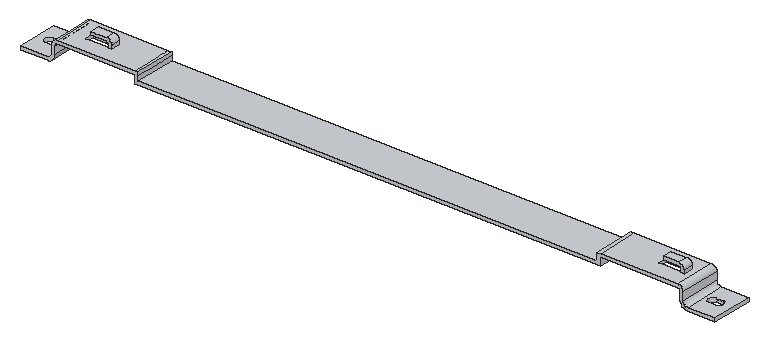
Revit family "Distanzbügel_600_FT_FS", category Generic Models, Revit 2017
Family settings
  Can host rebar = No
  Round Connector Dimension = Use Diameter
  Part Type = Normal
  Work Plane-Based = No
  Always vertical = Yes
  Cut with Voids When Loaded = No
  Shared = No
  Room Calculation Point = No
Parameters (values of type "DBLG 20 600 FT")
  Width 1 = 0 mm
  Width = 40 mm
  URL = "http://www.obo-bettermann.com"
  Material = Hot-dip galvanised
  Manufacturer Art.No. = "6015699"
  Manufacturer = "OBO BETTERMANN"
  Length 3 = Length / 2  # 333.6 mm
  Length 2 = Length 1 / 2  # 220.5 mm
  Length 1 = 441 mm
  Length = 667.2 mm
  GTIN = "4012195239284"
  Cut's space = 550 mm
  Cut's number = 2
  Article Type = "DBLG 20 600 FT"
Types (3, lengths in mm): name | Material | Manufacturer Art.No. | GTIN | Article Type
  (no name) | Hot-dip galvanised | "6015699" | "4012195239284" | "DBLG 20 600 FT"
  DBLG 20 600 FS | Strip-galvanised | "6015697" | "4012195239277" | "DBLG 20 600 FS"
  DBLG 20 600 FT | Hot-dip galvanised | "6015699" | "4012195239284" | "DBLG 20 600 FT"
Reference planes
  plane 1 "Center (Front/Back)": y = 0
  plane 2: z = 0
  plane 3 "Center (Left/Right)": x = 0
  plane 4: z = 20
  plane 5: x = -333.6
  plane 6: x = 333.6
  plane 7: z = 9.44
Forms (mm)
  Extrusion 1, solid
    sketch origin (0, 0, 0) x (1, 0, 0) y (0, 0, 1)
      loop
        line (-223.5, 17) -> (-223.5, 9.44) -> (-220.5, 9.44) -> (223.5, 9.44) -> (223.5, 17) -> (298, 17)
        arc (298, 17) -> (299.414, 16.414) -> (300, 15) r 2
        line (300, 15) -> (300, 7.5)
        arc (300, 7.5) -> (302.197, 2.197) -> (307.5, 0) r 7.5
        line (307.5, 0) -> (333.6, 0) -> (333.6, 3) -> (307.5, 3)
        arc (307.5, 3) -> (304.318, 4.318) -> (303, 7.5) r 4.5
        line (303, 7.5) -> (303, 15)
        arc (303, 15) -> (301.536, 18.536) -> (298, 20) r 5
        line (298, 20) -> (223.5, 20) -> (220.5, 20) -> (220.5, 17) -> (220.5, 12.44) -> (-220.5, 12.44) -> (-220.5, 17) -> (-220.5, 20) -> (-223.5, 20) -> (-298.02, 20)
        arc (-298.02, 20) -> (-301.556, 18.536) -> (-303.02, 15) r 5
        line (-303.02, 15) -> (-303.02, 7.5)
        arc (-303.02, 7.5) -> (-304.338, 4.318) -> (-307.52, 3) r 4.5
        line (-307.52, 3) -> (-333.6, 3) -> (-333.6, 0) -> (-307.52, 0)
        arc (-307.52, 0) -> (-302.217, 2.197) -> (-300.02, 7.5) r 7.5
        line (-300.02, 7.5) -> (-300.02, 15)
        arc (-300.02, 15) -> (-299.434, 16.414) -> (-298.02, 17) r 2
        line (-298.02, 17) -> (-223.5, 17)
    from -40 to 0
  Extrusion 2, void
    sketch origin (0, 0, 0) x (1, 0, 0) y (0, 1, 0)
      loop
        arc (-321.6, 24.5) -> (-326.1, 20) -> (-321.6, 15.5) r 4.5
        line (-321.6, 15.5) -> (-315.6, 15.5)
        arc (-315.6, 15.5) -> (-311.1, 20) -> (-315.6, 24.5) r 4.5
        line (-315.6, 24.5) -> (-321.6, 24.5)
    from 0 to 3
  Extrusion 3, void
    sketch origin (0, 0, 0) x (1, 0, 0) y (0, 1, 0)
      loop
        arc (315.8, 24.5) -> (311.3, 20) -> (315.8, 15.5) r 4.5
        line (315.8, 15.5) -> (321.6, 15.5)
        arc (321.6, 15.5) -> (326.1, 20) -> (321.6, 24.5) r 4.5
        line (321.6, 24.5) -> (315.8, 24.5)
    from 0 to 3
  Extrusion 4, void
    sketch origin (0, 0, 0) x (1, 0, 0) y (0, 1, 0)
      loop
        line (-283.2, 24.5) -> (-283.2, 15.5) -> (-261.2, 15.5) -> (-261.2, 24.5) -> (-283.2, 24.5)
    from 17 to 20
  Extrusion 5, void
    sketch origin (550, 0, 0) x (1, 0, 0) y (0, 1, 0)
      loop
        line (-283.2, 24.5) -> (-283.2, 15.5) -> (-261.2, 15.5) -> (-261.2, 24.5) -> (-283.2, 24.5)
    from 17 to 20
  Extrusion 6, solid
    sketch origin (0, 0, 0) x (1, 0, 0) y (0, 0, 1)
      loop
        line (-261.2, 20) -> (-258.2, 20) -> (-258.2, 23)
        arc (-258.2, 23) -> (-259.664, 26.536) -> (-263.2, 28) r 5
        line (-263.2, 28) -> (-278.242, 28) -> (-278.242, 25) -> (-263.2, 25)
        arc (-263.2, 25) -> (-261.786, 24.414) -> (-261.2, 23) r 2
        line (-261.2, 23) -> (-261.2, 20)
    from -24.5 to -15.5
  Extrusion 7, solid
    sketch origin (550, 0, 0) x (1, 0, 0) y (0, 0, 1)
      loop
        line (-261.2, 20) -> (-258.2, 20) -> (-258.2, 23)
        arc (-258.2, 23) -> (-259.664, 26.536) -> (-263.2, 28) r 5
        line (-263.2, 28) -> (-278.242, 28) -> (-278.242, 25) -> (-263.2, 25)
        arc (-263.2, 25) -> (-261.786, 24.414) -> (-261.2, 23) r 2
        line (-261.2, 23) -> (-261.2, 20)
    from -24.5 to -15.5
Cuts and joins
  Extrusion 2, Extrusion 3, Extrusion 4, Extrusion 5 cuts Extrusion 1
Dimensions and locks
  "Length": plane 6 to plane 5
  "Length 3": plane 3 "Center (Left/Right)" to plane 5
  locked: plane 4 to level at 20
  plane 4 to plane 7 = 10.56 mm
  locked: Extrusion 1 sketch curve to Extrusion 1 sketch curve at 3  (x2)
  Extrusion 1 sketch curve to Extrusion 1 sketch curve = 3 mm  (x2)
  plane 4 to Extrusion 1 sketch curve = 10.56 mm
  locked: Extrusion 1 sketch curve to level at 9.44
  "Width": Extrusion 1 to Extrusion 1
  locked: Extrusion 1 to Extrusion 2 sketch curve at 15.5
  locked: Extrusion 2 sketch curve to Extrusion 2 sketch curve at 9
  locked: Extrusion 1 to Extrusion 2 sketch curve at 7.5
  locked: Extrusion 1 to Extrusion 2 sketch curve at 22.5
  locked: Extrusion 3 sketch curve to Extrusion 3 sketch curve at 9
  locked: cut or joined group of Extrusion 1, Extrusion 2, Extrusion 3, Extrusion 4, Extrusion 5 to Extrusion 3 sketch curve at 15.5
  locked: Extrusion 3 sketch curve to cut or joined group of Extrusion 1, Extrusion 2, Extrusion 3, Extrusion 4, Extrusion 5 at 7.5
  locked: Extrusion 3 sketch curve to cut or joined group of Extrusion 1, Extrusion 2, Extrusion 3, Extrusion 4, Extrusion 5 at 22.3
  cut or joined group of Extrusion 1, Extrusion 2, Extrusion 3, Extrusion 4, Extrusion 5 to Extrusion 4 sketch curve = 15.5 mm
  locked: Extrusion 4 sketch curve to Extrusion 4 sketch curve at 9
  locked: Extrusion 4 sketch curve to Extrusion 4 sketch curve at 22
  locked: Extrusion 5 sketch curve to Extrusion 5 sketch curve at 9
  locked: Extrusion 5 sketch curve to Extrusion 5 sketch curve at 22
  group 1 to group 2 = 550 mm
  group 1 to group 2 = 0 mm  (x2)
  locked: Extrusion 6 sketch curve to Extrusion 6 sketch curve at 3
  locked: Extrusion 6 sketch curve to Extrusion 6 sketch curve at 20.042
  locked: Extrusion 7 sketch curve to Extrusion 7 sketch curve at 3
  locked: Extrusion 7 sketch curve to Extrusion 7 sketch curve at 20.042
  group 3 to group 4 = 550 mm
  group 3 to group 4 = 0 mm  (x2)
  aligned and locked: level to plane 2
  aligned and locked: plane 5 to Extrusion 1 sketch curve
  aligned and locked: plane 6 to Extrusion 1 sketch curve
  aligned and locked: plane 1 "Center (Front/Back)" to Extrusion 1
  aligned and locked: Extrusion 2 to level
  aligned and locked: Extrusion 1 to Extrusion 2
  aligned and locked: Extrusion 3 to level
  aligned and locked: Extrusion 1 to Extrusion 3
  aligned and locked: Extrusion 1 sketch curve to level  (x2)
  aligned and locked: Extrusion 1 to Extrusion 4
  aligned and locked: Extrusion 6 to cut or joined group of Extrusion 1, Extrusion 2, Extrusion 3, Extrusion 4, Extrusion 5
  aligned and locked: cut or joined group of Extrusion 1, Extrusion 2, Extrusion 3, Extrusion 4, Extrusion 5 to Extrusion 6
Automatic sketch dimensions
  Extrusion 1 sketch curve to Extrusion 1 sketch curve = 0 mm  (x11)
  Extrusion 1 sketch curve to plane 4 = 0 mm  (x2)
  plane 5 to Extrusion 1 sketch curve = 26.08 mm
  Extrusion 1 sketch curve to Extrusion 1 sketch curve = 4.5 mm
  Extrusion 1 sketch curve to plane 7 = 1.94 mm  (x2)
  Extrusion 1 sketch curve to Extrusion 1 sketch curve = 2 mm  (x2)
  Extrusion 1 sketch curve to Extrusion 1 sketch curve = 74.52 mm
  Extrusion 1 sketch curve to Extrusion 1 sketch curve = 3 mm  (x2)
  Extrusion 1 sketch curve to plane 6 = 113.1 mm
  Extrusion 1 sketch curve to plane 4 = 3 mm  (x3)
  Extrusion 1 sketch curve to plane 6 = 35.6 mm
  Extrusion 6 sketch curve to Extrusion 6 sketch curve = 0 mm  (x3)
  Extrusion 6 sketch curve to Extrusion 6 sketch curve = 2 mm
  Extrusion 6 sketch curve to Extrusion 6 sketch curve = 3 mm
  Extrusion 7 sketch curve to Extrusion 7 sketch curve = 0 mm  (x3)
  Extrusion 7 sketch curve to Extrusion 7 sketch curve = 2 mm
  Extrusion 7 sketch curve to Extrusion 7 sketch curve = 3 mm
